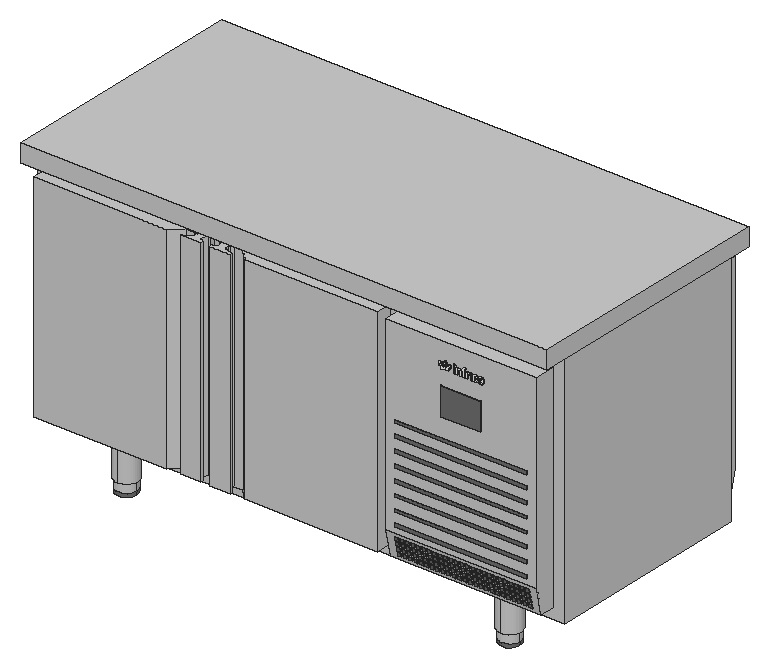
Revit family "QF_INFRICO_BMGN1470PDC_250808012806", category Specialty Equipment, Revit 2021
Family settings
  Round Connector Dimension = Use Diameter
  Part Type = Normal
  OmniClass Number = 23.40.40.14
  OmniClass Title = Food Service Equipment
  Work Plane-Based = No
  Always vertical = Yes
  Cut with Voids When Loaded = No
  Shared = No
  Room Calculation Point = No
Parameters (values of type "BMGN1470PDC-R290")
  Weight [instance] = 145.00 kg
  Waste Water Discharge Temperature [instance] = 0 °C
  Waste Remarks [instance] = ""
  Warranty Start Date [instance] = ""
  Warranty Duration [instance] = ""
  Volts [instance] = 230 V
  Volt Free Conn [instance] = no
  URL Recommended Spares List [instance] = ""
  URL Manufacturer [instance] = ""
  URL Cutsheet [instance] = ""
  URL Critical Spares List [instance] = ""
  URL = "www.infrico.com"
  Technical Documentation [instance] = ""
  Tag Number [instance] = ""
  Status [instance] = ""
  Start Up Current [instance] = 0 A
  Specification by User [instance] = ""
  Specification by Manufacturer [instance] = ""
  Sound Level [instance] = ""
  Show Logo [instance] = yes
  Show Clearances [instance] = yes
  Service Life Duration [instance] = ""
  Serial Number [instance] = ""
  Seismic Rating [instance] = ""
  SMACNA No [instance] = ""
  Revision Code [instance] = ""
  Revision [instance] = ""
  Production Year [instance] = ""
  Potential Equalisation [instance] = no
  Point Load [instance] = 0
  Plumbing Connection Type [instance] = ""
  Phase [instance] = 1
  Other Equipment Approvals [instance] = ""
  Operational Current [instance] = 0 A
  Number of Poles [instance] = 2
  No Load Power Draw [instance] = no
  NAFEM Spec ID Number [instance] = ""
  Model Warning [instance] = ""
  Model = "BMGN1470PDC"
  Min Ckt Ampacity [instance] = 0 A
  Max Overcurrent Protection [instance] = 0 A
  Masterspec [instance] = ""
  Manufacturer = "INFRICO"
  Main switch integrated [instance] = no
  Length Actual [instance] = 1468 mm
  Item Number [instance] = ""
  Installed By [instance] = ""
  Installation Date [instance] = ""
  Indirect Waste Size [instance] = 19.05 mm
  Indirect Waste Remarks [instance] = ""
  Indirect Waste Flow [instance] = 0.0 L/s
  Indirect Waste Connection Type [instance] = ""
  Indirect Waste Connection Height [instance] = 0 mm
  Identify Quantity as Lot [instance] = no
  ID [instance] = ""
  Hygiene Approval [instance] = ""
  Height Actual [instance] = 850 mm
  HP power [instance] = ""
  Furnished By [instance] = ""
  Foodservice Equipment Identifier [instance] = no
  FL Amps [instance] = 0 A
  Electrical Remarks [instance] = ""
  Electric power [instance] = 190 W
  Electric Connection Type [instance] = ""
  Elec Conn RI Height [instance] = 0 mm
  Elec Conn Connection Height [instance] = 0 mm
  ETL Approved [instance] = no
  Direct Waste Water Discharge Temperature [instance] = -273.15 °C
  Direct Waste Size [instance] = 19.05 mm
  Direct Waste RI Height [instance] = 0 mm
  Direct Waste Flow [instance] = 0.0 L/s
  Direct Waste Connection Height [instance] = 0 mm
  Description = "GN1/1 PASS THRU UNDERCOUNTER REFRIGERATOR 700 SERIES - R290 "
  Depth Actual [instance] = 700 mm
  Default Elevation = 0 mm
  Cycle [instance] = 50 Hz
  Cost = 0
  Connection to energy optimisation system [instance] = yes
  Conn Plug [instance] = ""
  Conn Conduit [instance] = no
  Centralized building control system with digital interface [instance] = ""
  CSI MasterFormat [instance] = ""
  CE Approved [instance] = no
  Barcode [instance] = 0
  Author [instance] = ""
  Asset Identifier [instance] = ""
  Apparent Power [instance] = 190 VA
  Accessory [instance] = no
Reference planes
  plane 1 "Center (Front/Back)": y = 0
  plane 2: z = 0
  plane 3 "Center (Left/Right)": x = 0
Forms (mm)
  Extrusion 1, solid, not visible
    sketch origin (602.029, -98.005, 142.007) x (1, 0, 0) y (0, 1, 0)
      loop
        line (-2, 2) -> (-2, -2) -> (2, -2) -> (2, 2) -> (-2, 2)
    from -2 to 2
  Extrusion 2, solid, not visible
    sketch origin (1393.568, -73.004, 142.007) x (1, 0, 0) y (0, 1, 0)
      loop
        line (-2, 2) -> (-2, -2) -> (2, -2) -> (2, 2) -> (-2, 2)
    from -2 to 2
Dimensions and locks
  locked: nested 2 to Extrusion 1 at 2  (x2)
  locked: nested 3 to Extrusion 2 at 2  (x2)
  aligned and locked: level to plane 2
Nested families
  nested 1: "QF_INFRICO_BMGN1470PDC_2920" at (0, 0, 140), type "BMGN1470PDC-R290"
    with Weight 145.00 kg, Warranty Start Date "", Warranty Duration "", URL Cutsheet "", Technical Documentation "", Tag Number "", Status "", Specification by User "", Specification by Manufacturer "", Sound Level "", Solid Fuel Type "", Show Logo yes, Show Clearances yes, Show Clearance yes, Service Life Duration "", Serial Number "", Seismic Rating "", SMACNA No "", Revision Code "", Revision "", Production Year "", Point Load 0, Other Equipment Approvals "", NAFEM Spec ID Number "", Model Warning "", Masterspec "", Length Actual 1468 mm, Item Number "", Installed By "", Installation Date "", Identify Quantity as Lot yes, ID "", Hygiene Approval "", Height Actual 850 mm, Furnished By "", Foodservice Equipment Identifier yes, ETL Approved yes, Depth Actual 700 mm, CSI MasterFormat "", CE Approved no, Barcode "", Author "", Asset Identifier "", Accessory no
  nested 2: "CONN_POINT_DRAIN_2D___Generic_Annotation" at (602.029, -98.005, 140.007), type "CONN_POINT_DRAIN_2D___Generic_Annotation"
    with Onboard connection annotation symbol visibility yes
  nested 3: "CONN_POINT_ELE_2D___Generic_Annotation" at (1393.568, -73.004, 140.007), type "CONN_POINT_ELE_2D___Generic_Annotation"
    with Onboard connection annotation symbol visibility yes
  nested 4: "QF_INFRICO_BMGN_DOOR_SX_4996" at (22, -638, 168), type "BMGN_DOOR_SX"
    with Weight 0.00 kg, Warranty Start Date "", Warranty Duration "", URL Cutsheet "", Technical Documentation "", Tag Number "", Status "", Specification by User "", Specification by Manufacturer "", Sound Level "", Solid Fuel Type "", Show Logo yes, Show Clearances yes, Show Clearance yes, Service Life Duration "", Serial Number "", Seismic Rating "", SMACNA No "", Revision Code "", Revision "", Production Year "", Point Load 0, Other Equipment Approvals "", NAFEM Spec ID Number "", Model Warning "", Masterspec "", Length Actual 467 mm, Item Number "", Installed By "", Installation Date "", Identify Quantity as Lot yes, ID "", Hygiene Approval "", Height Actual 597 mm, Furnished By "", Foodservice Equipment Identifier yes, ETL Approved yes, Depth Actual 54 mm, CSI MasterFormat "", CE Approved no, Barcode "", Author "", Asset Identifier "", Accessory yes
  nested 5: "QF_INFRICO_BMGN_DOOR_DX_5777" at (514, -638, 168), type "BMGN_DOOR_DX"
    with Weight 0.00 kg, Warranty Start Date "", Warranty Duration "", URL Cutsheet "", Technical Documentation "", Tag Number "", Status "", Specification by User "", Specification by Manufacturer "", Sound Level "", Solid Fuel Type "", Show Logo yes, Show Clearances yes, Show Clearance yes, Service Life Duration "", Serial Number "", Seismic Rating "", SMACNA No "", Revision Code "", Revision "", Production Year "", Point Load 0, Other Equipment Approvals "", NAFEM Spec ID Number "", Model Warning "", Masterspec "", Length Actual 467 mm, Item Number "", Installed By "", Installation Date "", Identify Quantity as Lot yes, ID "", Hygiene Approval "", Height Actual 597 mm, Furnished By "", Foodservice Equipment Identifier yes, ETL Approved yes, Depth Actual 54 mm, CSI MasterFormat "", CE Approved no, Barcode "", Author "", Asset Identifier "", Accessory yes
  nested 6: "QF_INFRICO_BMGNPDC_DOOR_SX_6554" at (22, -18, 168), type "BMGNPDC_DOOR_SX"
    with Weight 0.00 kg, Warranty Start Date "", Warranty Duration "", URL Cutsheet "", Technical Documentation "", Tag Number "", Status "", Specification by User "", Specification by Manufacturer "", Sound Level "", Solid Fuel Type "", Show Logo yes, Show Clearances yes, Show Clearance yes, Service Life Duration "", Serial Number "", Seismic Rating "", SMACNA No "", Revision Code "", Revision "", Production Year "", Point Load 0, Other Equipment Approvals "", NAFEM Spec ID Number "", Model Warning "", Masterspec "", Length Actual 467 mm, Item Number "", Installed By "", Installation Date "", Identify Quantity as Lot yes, ID "", Hygiene Approval "", Height Actual 597 mm, Furnished By "", Foodservice Equipment Identifier yes, ETL Approved yes, Depth Actual 54 mm, CSI MasterFormat "", CE Approved no, Barcode "", Author "", Asset Identifier "", Accessory yes
  nested 7: "QF_INFRICO_BMGNPDC_DOOR_DX_7331" at (514, -18, 168), type "BMGNPDC_DOOR_DX"
    with Weight 0.00 kg, Warranty Start Date "", Warranty Duration "", URL Cutsheet "", Technical Documentation "", Tag Number "", Status "", Specification by User "", Specification by Manufacturer "", Sound Level "", Solid Fuel Type "", Show Logo yes, Show Clearances yes, Show Clearance yes, Service Life Duration "", Serial Number "", Seismic Rating "", SMACNA No "", Revision Code "", Revision "", Production Year "", Point Load 0, Other Equipment Approvals "", NAFEM Spec ID Number "", Model Warning "", Masterspec "", Length Actual 467 mm, Item Number "", Installed By "", Installation Date "", Identify Quantity as Lot yes, ID "", Hygiene Approval "", Height Actual 597 mm, Furnished By "", Foodservice Equipment Identifier yes, ETL Approved yes, Depth Actual 54 mm, CSI MasterFormat "", CE Approved no, Barcode "", Author "", Asset Identifier "", Accessory yes
  nested 8: "QF_INFRICO_WORKTOP_8108" at (0, 0, 800), type "ENC12SPGN14"
    with Weight 0.00 kg, Warranty Start Date "", Warranty Duration "", URL Cutsheet "", Technical Documentation "", Tag Number "", Status "", Specification by User "", Specification by Manufacturer "", Sound Level "", Solid Fuel Type "", Show Logo yes, Show Clearances yes, Show Clearance yes, Service Life Duration "", Serial Number "", Seismic Rating "", SMACNA No "", Revision Code "", Revision "", Production Year "", Point Load 0, Other Equipment Approvals "", NAFEM Spec ID Number "", Model Warning "", Masterspec "", Length Actual 1468 mm, Item Number "", Installed By "", Installation Date "", Identify Quantity as Lot yes, ID "", Hygiene Approval "", Height Actual 50 mm, Furnished By "", Foodservice Equipment Identifier yes, ETL Approved yes, Depth Actual 700 mm, CSI MasterFormat "", CE Approved no, Barcode "", Author "", Asset Identifier "", Accessory yes
  nested 9: "QF_INFRICO_LEGS_8952" at (0, -62, 0), type "LEGS_1470_640"
    with Weight 0.00 kg, Warranty Start Date "", Warranty Duration "", URL Cutsheet "", Technical Documentation "", Tag Number "", Status "", Specification by User "", Specification by Manufacturer "", Sound Level "", Solid Fuel Type "", Show Logo yes, Show Clearances yes, Show Clearance yes, Service Life Duration "", Serial Number "", Seismic Rating "", SMACNA No "", Revision Code "", Revision "", Production Year "", Point Load 0, Other Equipment Approvals "", NAFEM Spec ID Number "", Model Warning "", Masterspec "", Length Actual 1468 mm, Item Number "", Installed By "", Installation Date "", Identify Quantity as Lot yes, ID "", Hygiene Approval "", Height Actual 140 mm, Furnished By "", Foodservice Equipment Identifier yes, ETL Approved yes, Depth Actual 638 mm, CSI MasterFormat "", CE Approved no, Barcode "", Author "", Asset Identifier "", Accessory yes
Connectors
  piping at (602.029, -98.005, 140.007), diameter 19.05, driven by "Indirect Waste Size", driven by "Direct Waste Flow"
    settings: on Extrusion 1, index 1, connector inside diameter 609.6 mm, connector length 0 mm, flow factor 0, pipe flow 0.0 L/s, pressure drop 0.0 Pa, fitting loss kfactor 0, connector angle 0.00°, fixture units 0, engagement length 0 mm, angle of deflection 0.00°, flow configuration 1, flow direction 2, fitting loss method 0, system type 16, joint type 0, gender type 0, connector reference index -1, connector utility 0, adjustable connector no, is connector primary yes, connector description "Waste connection for BMGN1470PDC"
  electrical at (1393.568, -73.004, 140.007), driven by "Apparent Power", driven by "Number of Poles", driven by "Volts"
    settings: on Extrusion 2, index 2, voltage 230 V, apparent load 0 VA, apparent load phase1 190 VA, apparent load phase2 0 VA, apparent load phase3 0 VA, power factor 1, load classification "Other", number of poles 2, system type 31, power factor state 1, is connector primary yes, connector utility no, sub classification motor no, connector description "Electrical connection for BMGN1470PDC"
Definition of nested family "QF_INFRICO_BMGN1470PDC_2920"
  Parameters (values of type "BMGN1470PDC")
    Weight [instance] = 0.00 kg
    Warranty Start Date [instance] = ""
    Warranty Duration [instance] = ""
    URL Cutsheet [instance] = ""
    URL = "www.infrico.com"
    Technical Documentation [instance] = ""
    Tag Number [instance] = ""
    Status [instance] = ""
    Specification by User [instance] = ""
    Specification by Manufacturer [instance] = ""
    Sound Level [instance] = ""
    Solid Fuel Type [instance] = ""
    Show Logo [instance] = yes
    Show Clearances [instance] = yes
    Show Clearance [instance] = yes
    Service Life Duration [instance] = ""
    Serial Number [instance] = ""
    Seismic Rating [instance] = ""
    SMACNA No [instance] = ""
    Revision Code [instance] = ""
    Revision [instance] = ""
    Production Year [instance] = ""
    Point Load [instance] = 0
    Other Equipment Approvals [instance] = ""
    NAFEM Spec ID Number [instance] = ""
    Model Warning [instance] = ""
    Model = "BMGN1470PDC"
    Masterspec [instance] = ""
    Manufacturer = "INFRICO"
    Length Actual [instance] = 0 mm
    Item Number [instance] = ""
    Installed By [instance] = ""
    Installation Date [instance] = ""
    Identify Quantity as Lot [instance] = yes
    ID [instance] = ""
    Hygiene Approval [instance] = ""
    Height Actual [instance] = 0 mm
    Furnished By [instance] = ""
    Foodservice Equipment Identifier [instance] = yes
    ETL Approved [instance] = yes
    Description = "GN1/1 PASS THRU UNDERCOUNTER REFRIGERATOR 700 SERIES - R134A"
    Depth Actual [instance] = 0 mm
    Default Elevation = 0 mm
    CSI MasterFormat [instance] = ""
    CE Approved [instance] = yes
    Barcode [instance] = ""
    Author [instance] = ""
    Asset Identifier [instance] = ""
    Assembly Code = "E1090320"
    Accessory [instance] = yes
  Types (2, lengths in mm): name | Description
    BMGN1470PDC | "GN1/1 PASS THRU UNDERCOUNTER REFRIGERATOR 700 SERIES - R134A"
    BMGN1470PDC-R290 | "GN1/1 PASS THRU UNDERCOUNTER REFRIGERATOR 700 SERIES - R290"
  Reference planes
    plane 1 "Back": y = 0
    plane 2: z = 0
    plane 3 "Left": x = 0
    plane 4 "Right": x = 1468
    plane 5 "Front": y = -700
    plane 6 "Top": z = 660
  Forms (mm)
    Extrusion 1, solid
      sketch origin (0, 0, -140) x (0, 1, 0) y (0, 0, 1)
        loop
          line (-638.02, 765.292) -> (-695.03, 765.292) -> (-695.03, 238.436) -> (-678.769, 168) -> (-638.02, 168) -> (-638.02, 765.292)
      from 1013.993 to 1433.993
    Extrusion 2, solid
      sketch origin (-2000, -693.13, -140) x (1, 0, 0) y (0, 0, 1)
        loop
          line (3408.016, 523.949) -> (3040.73, 523.949) -> (3040.73, 514.949) -> (3408.016, 514.949) -> (3408.016, 523.949)
        loop
          line (3408.016, 486.949) -> (3040.73, 486.949) -> (3040.73, 477.949) -> (3408.016, 477.949) -> (3408.016, 486.949)
        loop
          line (3408.016, 449.949) -> (3040.73, 449.949) -> (3040.73, 440.949) -> (3408.016, 440.949) -> (3408.016, 449.949)
        loop
          line (3408.016, 412.949) -> (3040.73, 412.949) -> (3040.73, 403.949) -> (3408.016, 403.949) -> (3408.016, 412.949)
        loop
          line (3408.016, 375.949) -> (3040.73, 375.949) -> (3040.73, 366.949) -> (3408.016, 366.949) -> (3408.016, 375.949)
        loop
          line (3408.016, 338.949) -> (3040.73, 338.949) -> (3040.73, 329.949) -> (3408.016, 329.949) -> (3408.016, 338.949)
        loop
          line (3408.016, 301.949) -> (3040.73, 301.949) -> (3040.73, 292.949) -> (3408.016, 292.949) -> (3408.016, 301.949)
        loop
          line (3408.016, 264.949) -> (3040.73, 264.949) -> (3040.73, 255.949) -> (3408.016, 255.949) -> (3408.016, 264.949)
      from 0 to 2
    Extrusion 3, solid
      sketch origin (-2000, -639.263, -134.673) x (1, 0, 0) y (0, -0.224951, 0.97437)
        loop
          line (3036.73, 215.974) -> (3036.73, 205.974) -> (3046.73, 205.974) -> (3046.73, 215.974) -> (3036.73, 215.974)
        loop
          line (3036.73, 230.769) -> (3036.73, 220.769) -> (3046.73, 220.769) -> (3046.73, 230.769) -> (3036.73, 230.769)
        loop
          line (3036.73, 186.385) -> (3036.73, 176.385) -> (3046.73, 176.385) -> (3046.73, 186.385) -> (3036.73, 186.385)
        loop
          line (3036.73, 201.179) -> (3036.73, 191.179) -> (3046.73, 191.179) -> (3046.73, 201.179) -> (3036.73, 201.179)
        loop
          line (3051.938, 215.974) -> (3051.938, 205.974) -> (3061.938, 205.974) -> (3061.938, 215.974) -> (3051.938, 215.974)
        loop
          line (3051.938, 230.769) -> (3051.938, 220.769) -> (3061.938, 220.769) -> (3061.938, 230.769) -> (3051.938, 230.769)
        loop
          line (3051.938, 186.385) -> (3051.938, 176.385) -> (3061.938, 176.385) -> (3061.938, 186.385) -> (3051.938, 186.385)
        loop
          line (3051.938, 201.179) -> (3051.938, 191.179) -> (3061.938, 191.179) -> (3061.938, 201.179) -> (3051.938, 201.179)
        loop
          line (3067.147, 215.974) -> (3067.147, 205.974) -> (3077.147, 205.974) -> (3077.147, 215.974) -> (3067.147, 215.974)
        loop
          line (3067.147, 230.769) -> (3067.147, 220.769) -> (3077.147, 220.769) -> (3077.147, 230.769) -> (3067.147, 230.769)
        loop
          line (3067.147, 186.385) -> (3067.147, 176.385) -> (3077.147, 176.385) -> (3077.147, 186.385) -> (3067.147, 186.385)
        loop
          line (3067.147, 201.179) -> (3067.147, 191.179) -> (3077.147, 191.179) -> (3077.147, 201.179) -> (3067.147, 201.179)
        loop
          line (3082.355, 215.974) -> (3082.355, 205.974) -> (3092.355, 205.974) -> (3092.355, 215.974) -> (3082.355, 215.974)
        loop
          line (3082.355, 230.769) -> (3082.355, 220.769) -> (3092.355, 220.769) -> (3092.355, 230.769) -> (3082.355, 230.769)
        loop
          line (3082.355, 186.385) -> (3082.355, 176.385) -> (3092.355, 176.385) -> (3092.355, 186.385) -> (3082.355, 186.385)
        loop
          line (3082.355, 201.179) -> (3082.355, 191.179) -> (3092.355, 191.179) -> (3092.355, 201.179) -> (3082.355, 201.179)
        loop
          line (3097.563, 215.974) -> (3097.563, 205.974) -> (3107.563, 205.974) -> (3107.563, 215.974) -> (3097.563, 215.974)
        loop
          line (3097.563, 230.769) -> (3097.563, 220.769) -> (3107.563, 220.769) -> (3107.563, 230.769) -> (3097.563, 230.769)
        loop
          line (3097.563, 186.385) -> (3097.563, 176.385) -> (3107.563, 176.385) -> (3107.563, 186.385) -> (3097.563, 186.385)
        loop
          line (3097.563, 201.179) -> (3097.563, 191.179) -> (3107.563, 191.179) -> (3107.563, 201.179) -> (3097.563, 201.179)
        loop
          line (3112.772, 215.974) -> (3112.772, 205.974) -> (3122.772, 205.974) -> (3122.772, 215.974) -> (3112.772, 215.974)
        loop
          line (3112.772, 230.769) -> (3112.772, 220.769) -> (3122.772, 220.769) -> (3122.772, 230.769) -> (3112.772, 230.769)
        loop
          line (3112.772, 186.385) -> (3112.772, 176.385) -> (3122.772, 176.385) -> (3122.772, 186.385) -> (3112.772, 186.385)
        loop
          line (3112.772, 201.179) -> (3112.772, 191.179) -> (3122.772, 191.179) -> (3122.772, 201.179) -> (3112.772, 201.179)
        loop
          line (3127.98, 215.974) -> (3127.98, 205.974) -> (3137.98, 205.974) -> (3137.98, 215.974) -> (3127.98, 215.974)
        loop
          line (3127.98, 230.769) -> (3127.98, 220.769) -> (3137.98, 220.769) -> (3137.98, 230.769) -> (3127.98, 230.769)
        loop
          line (3127.98, 186.385) -> (3127.98, 176.385) -> (3137.98, 176.385) -> (3137.98, 186.385) -> (3127.98, 186.385)
        loop
          line (3127.98, 201.179) -> (3127.98, 191.179) -> (3137.98, 191.179) -> (3137.98, 201.179) -> (3127.98, 201.179)
        loop
          line (3143.188, 215.974) -> (3143.188, 205.974) -> (3153.188, 205.974) -> (3153.188, 215.974) -> (3143.188, 215.974)
        loop
          line (3143.188, 230.769) -> (3143.188, 220.769) -> (3153.188, 220.769) -> (3153.188, 230.769) -> (3143.188, 230.769)
        loop
          line (3143.188, 186.385) -> (3143.188, 176.385) -> (3153.188, 176.385) -> (3153.188, 186.385) -> (3143.188, 186.385)
        loop
          line (3143.188, 201.179) -> (3143.188, 191.179) -> (3153.188, 191.179) -> (3153.188, 201.179) -> (3143.188, 201.179)
        loop
          line (3158.397, 215.974) -> (3158.397, 205.974) -> (3168.397, 205.974) -> (3168.397, 215.974) -> (3158.397, 215.974)
        loop
          line (3158.397, 230.769) -> (3158.397, 220.769) -> (3168.397, 220.769) -> (3168.397, 230.769) -> (3158.397, 230.769)
        loop
          line (3158.397, 186.385) -> (3158.397, 176.385) -> (3168.397, 176.385) -> (3168.397, 186.385) -> (3158.397, 186.385)
        loop
          line (3158.397, 201.179) -> (3158.397, 191.179) -> (3168.397, 191.179) -> (3168.397, 201.179) -> (3158.397, 201.179)
        loop
          line (3173.605, 215.974) -> (3173.605, 205.974) -> (3183.605, 205.974) -> (3183.605, 215.974) -> (3173.605, 215.974)
        loop
          line (3173.605, 230.769) -> (3173.605, 220.769) -> (3183.605, 220.769) -> (3183.605, 230.769) -> (3173.605, 230.769)
        loop
          line (3173.605, 186.385) -> (3173.605, 176.385) -> (3183.605, 176.385) -> (3183.605, 186.385) -> (3173.605, 186.385)
        loop
          line (3173.605, 201.179) -> (3173.605, 191.179) -> (3183.605, 191.179) -> (3183.605, 201.179) -> (3173.605, 201.179)
        loop
          line (3188.813, 215.974) -> (3188.813, 205.974) -> (3198.813, 205.974) -> (3198.813, 215.974) -> (3188.813, 215.974)
        loop
          line (3188.813, 230.769) -> (3188.813, 220.769) -> (3198.813, 220.769) -> (3198.813, 230.769) -> (3188.813, 230.769)
        loop
          line (3188.813, 186.385) -> (3188.813, 176.385) -> (3198.813, 176.385) -> (3198.813, 186.385) -> (3188.813, 186.385)
        loop
          line (3188.813, 201.179) -> (3188.813, 191.179) -> (3198.813, 191.179) -> (3198.813, 201.179) -> (3188.813, 201.179)
        loop
          line (3204.022, 215.974) -> (3204.022, 205.974) -> (3214.022, 205.974) -> (3214.022, 215.974) -> (3204.022, 215.974)
        loop
          line (3204.022, 230.769) -> (3204.022, 220.769) -> (3214.022, 220.769) -> (3214.022, 230.769) -> (3204.022, 230.769)
        loop
          line (3204.022, 186.385) -> (3204.022, 176.385) -> (3214.022, 176.385) -> (3214.022, 186.385) -> (3204.022, 186.385)
        loop
          line (3204.022, 201.179) -> (3204.022, 191.179) -> (3214.022, 191.179) -> (3214.022, 201.179) -> (3204.022, 201.179)
        loop
          line (3219.23, 215.974) -> (3219.23, 205.974) -> (3229.23, 205.974) -> (3229.23, 215.974) -> (3219.23, 215.974)
        loop
          line (3219.23, 230.769) -> (3219.23, 220.769) -> (3229.23, 220.769) -> (3229.23, 230.769) -> (3219.23, 230.769)
        loop
          line (3219.23, 186.385) -> (3219.23, 176.385) -> (3229.23, 176.385) -> (3229.23, 186.385) -> (3219.23, 186.385)
        loop
          line (3219.23, 201.179) -> (3219.23, 191.179) -> (3229.23, 191.179) -> (3229.23, 201.179) -> (3219.23, 201.179)
        loop
          line (3234.438, 215.974) -> (3234.438, 205.974) -> (3244.438, 205.974) -> (3244.438, 215.974) -> (3234.438, 215.974)
        loop
          line (3234.438, 230.769) -> (3234.438, 220.769) -> (3244.438, 220.769) -> (3244.438, 230.769) -> (3234.438, 230.769)
        loop
          line (3234.438, 186.385) -> (3234.438, 176.385) -> (3244.438, 176.385) -> (3244.438, 186.385) -> (3234.438, 186.385)
        loop
          line (3234.438, 201.179) -> (3234.438, 191.179) -> (3244.438, 191.179) -> (3244.438, 201.179) -> (3234.438, 201.179)
        loop
          line (3249.647, 215.974) -> (3249.647, 205.974) -> (3259.647, 205.974) -> (3259.647, 215.974) -> (3249.647, 215.974)
        loop
          line (3249.647, 230.769) -> (3249.647, 220.769) -> (3259.647, 220.769) -> (3259.647, 230.769) -> (3249.647, 230.769)
        loop
          line (3249.647, 186.385) -> (3249.647, 176.385) -> (3259.647, 176.385) -> (3259.647, 186.385) -> (3249.647, 186.385)
        loop
          line (3249.647, 201.179) -> (3249.647, 191.179) -> (3259.647, 191.179) -> (3259.647, 201.179) -> (3249.647, 201.179)
        loop
          line (3264.855, 215.974) -> (3264.855, 205.974) -> (3274.855, 205.974) -> (3274.855, 215.974) -> (3264.855, 215.974)
        loop
          line (3264.855, 230.769) -> (3264.855, 220.769) -> (3274.855, 220.769) -> (3274.855, 230.769) -> (3264.855, 230.769)
        loop
          line (3264.855, 186.385) -> (3264.855, 176.385) -> (3274.855, 176.385) -> (3274.855, 186.385) -> (3264.855, 186.385)
        loop
          line (3264.855, 201.179) -> (3264.855, 191.179) -> (3274.855, 191.179) -> (3274.855, 201.179) -> (3264.855, 201.179)
        loop
          line (3280.063, 215.974) -> (3280.063, 205.974) -> (3290.063, 205.974) -> (3290.063, 215.974) -> (3280.063, 215.974)
        loop
          line (3280.063, 230.769) -> (3280.063, 220.769) -> (3290.063, 220.769) -> (3290.063, 230.769) -> (3280.063, 230.769)
        loop
          line (3280.063, 186.385) -> (3280.063, 176.385) -> (3290.063, 176.385) -> (3290.063, 186.385) -> (3280.063, 186.385)
        loop
          line (3280.063, 201.179) -> (3280.063, 191.179) -> (3290.063, 191.179) -> (3290.063, 201.179) -> (3280.063, 201.179)
        loop
          line (3295.272, 215.974) -> (3295.272, 205.974) -> (3305.272, 205.974) -> (3305.272, 215.974) -> (3295.272, 215.974)
        loop
          line (3295.272, 230.769) -> (3295.272, 220.769) -> (3305.272, 220.769) -> (3305.272, 230.769) -> (3295.272, 230.769)
        loop
          line (3295.272, 186.385) -> (3295.272, 176.385) -> (3305.272, 176.385) -> (3305.272, 186.385) -> (3295.272, 186.385)
        loop
          line (3295.272, 201.179) -> (3295.272, 191.179) -> (3305.272, 191.179) -> (3305.272, 201.179) -> (3295.272, 201.179)
        loop
          line (3310.48, 215.974) -> (3310.48, 205.974) -> (3320.48, 205.974) -> (3320.48, 215.974) -> (3310.48, 215.974)
        loop
          line (3310.48, 230.769) -> (3310.48, 220.769) -> (3320.48, 220.769) -> (3320.48, 230.769) -> (3310.48, 230.769)
        loop
          line (3310.48, 186.385) -> (3310.48, 176.385) -> (3320.48, 176.385) -> (3320.48, 186.385) -> (3310.48, 186.385)
        loop
          line (3310.48, 201.179) -> (3310.48, 191.179) -> (3320.48, 191.179) -> (3320.48, 201.179) -> (3310.48, 201.179)
        loop
          line (3325.688, 215.974) -> (3325.688, 205.974) -> (3335.688, 205.974) -> (3335.688, 215.974) -> (3325.688, 215.974)
        loop
          line (3325.688, 230.769) -> (3325.688, 220.769) -> (3335.688, 220.769) -> (3335.688, 230.769) -> (3325.688, 230.769)
        loop
          line (3325.688, 186.385) -> (3325.688, 176.385) -> (3335.688, 176.385) -> (3335.688, 186.385) -> (3325.688, 186.385)
        loop
          line (3325.688, 201.179) -> (3325.688, 191.179) -> (3335.688, 191.179) -> (3335.688, 201.179) -> (3325.688, 201.179)
        loop
          line (3340.897, 215.974) -> (3340.897, 205.974) -> (3350.897, 205.974) -> (3350.897, 215.974) -> (3340.897, 215.974)
        loop
          line (3340.897, 230.769) -> (3340.897, 220.769) -> (3350.897, 220.769) -> (3350.897, 230.769) -> (3340.897, 230.769)
        loop
          line (3340.897, 186.385) -> (3340.897, 176.385) -> (3350.897, 176.385) -> (3350.897, 186.385) -> (3340.897, 186.385)
        loop
          line (3340.897, 201.179) -> (3340.897, 191.179) -> (3350.897, 191.179) -> (3350.897, 201.179) -> (3340.897, 201.179)
        loop
          line (3356.105, 215.974) -> (3356.105, 205.974) -> (3366.105, 205.974) -> (3366.105, 215.974) -> (3356.105, 215.974)
        loop
          line (3356.105, 230.769) -> (3356.105, 220.769) -> (3366.105, 220.769) -> (3366.105, 230.769) -> (3356.105, 230.769)
        loop
          line (3356.105, 186.385) -> (3356.105, 176.385) -> (3366.105, 176.385) -> (3366.105, 186.385) -> (3356.105, 186.385)
        loop
          line (3356.105, 201.179) -> (3356.105, 191.179) -> (3366.105, 191.179) -> (3366.105, 201.179) -> (3356.105, 201.179)
        loop
          line (3371.313, 215.974) -> (3371.313, 205.974) -> (3381.313, 205.974) -> (3381.313, 215.974) -> (3371.313, 215.974)
        loop
          line (3371.313, 230.769) -> (3371.313, 220.769) -> (3381.313, 220.769) -> (3381.313, 230.769) -> (3371.313, 230.769)
        loop
          line (3371.313, 186.385) -> (3371.313, 176.385) -> (3381.313, 176.385) -> (3381.313, 186.385) -> (3371.313, 186.385)
        loop
          line (3371.313, 201.179) -> (3371.313, 191.179) -> (3381.313, 191.179) -> (3381.313, 201.179) -> (3371.313, 201.179)
        loop
          line (3386.522, 215.974) -> (3386.522, 205.974) -> (3396.522, 205.974) -> (3396.522, 215.974) -> (3386.522, 215.974)
        loop
          line (3386.522, 230.769) -> (3386.522, 220.769) -> (3396.522, 220.769) -> (3396.522, 230.769) -> (3386.522, 230.769)
        loop
          line (3386.522, 186.385) -> (3386.522, 176.385) -> (3396.522, 176.385) -> (3396.522, 186.385) -> (3386.522, 186.385)
        loop
          line (3386.522, 201.179) -> (3386.522, 191.179) -> (3396.522, 191.179) -> (3396.522, 201.179) -> (3386.522, 201.179)
        loop
          line (3401.73, 215.974) -> (3401.73, 205.974) -> (3411.73, 205.974) -> (3411.73, 215.974) -> (3401.73, 215.974)
        loop
          line (3401.73, 230.769) -> (3401.73, 220.769) -> (3411.73, 220.769) -> (3411.73, 230.769) -> (3401.73, 230.769)
        loop
          line (3401.73, 186.385) -> (3401.73, 176.385) -> (3411.73, 176.385) -> (3411.73, 186.385) -> (3401.73, 186.385)
        loop
          line (3401.73, 201.179) -> (3401.73, 191.179) -> (3411.73, 191.179) -> (3411.73, 201.179) -> (3401.73, 201.179)
      from 0 to 2
    Extrusion 4, solid, visible <- "Show Logo"
      sketch origin (-0.986, -693.13, -140) x (1, 0, 0) y (0, 0, 1)
        loop
          line (1208.799, 696.53) -> (1208.799, 719.204) -> (1204.173, 719.204) -> (1204.173, 696.53) -> (1208.799, 696.53)
        loop
          line (1214.779, 713.006) -> (1211.283, 713.006) -> (1211.283, 696.53) -> (1215.772, 696.53) -> (1215.772, 707.832)
          arc (1215.772, 707.832) -> (1217.528, 708.741) -> (1219.417, 709.324) r 11.052
          arc (1219.417, 709.324) -> (1220.929, 708.961) -> (1221.598, 707.557) r 1.806
          line (1221.598, 707.557) -> (1221.598, 696.53) -> (1226.121, 696.53) -> (1226.121, 708.689)
          arc (1226.121, 708.689) -> (1224.637, 712.075) -> (1221.141, 713.281) r 4.607
          arc (1221.141, 713.281) -> (1218.282, 712.674) -> (1215.669, 711.361) r 11.435
          line (1215.669, 711.361) -> (1215.601, 712.184)
          arc (1215.601, 712.184) -> (1215.36, 712.765) -> (1214.779, 713.006) r 0.822
        loop
          line (1238.557, 720.102) -> (1237.306, 720.102)
          arc (1237.306, 720.102) -> (1235.052, 719.926) -> (1232.881, 719.297) r 11.103
          arc (1232.881, 719.297) -> (1230.805, 717.616) -> (1230.024, 715.062) r 4.567
          line (1230.024, 715.062) -> (1230.024, 712.909) -> (1227.351, 712.703) -> (1227.351, 709.374) -> (1230.024, 709.374) -> (1230.024, 696.53) -> (1234.547, 696.53) -> (1234.547, 709.374) -> (1238.249, 709.374) -> (1238.249, 712.938) -> (1234.547, 712.938) -> (1234.547, 714.548)
          arc (1234.547, 714.548) -> (1234.956, 715.705) -> (1236.045, 716.271) r 1.67
          line (1236.045, 716.271) -> (1237.7, 716.399)
          arc (1237.7, 716.399) -> (1238.306, 716.65) -> (1238.557, 717.255) r 0.857
          line (1238.557, 717.255) -> (1238.557, 720.102)
        loop
          line (1239.479, 713.006) -> (1239.479, 696.53) -> (1243.968, 696.53) -> (1243.968, 707.352)
          arc (1243.968, 707.352) -> (1245.873, 708.631) -> (1248.077, 709.268) r 7.435
          line (1248.077, 709.268) -> (1249.241, 709.416)
          arc (1249.241, 709.416) -> (1249.643, 709.758) -> (1249.793, 710.265) r 0.928
          line (1249.793, 710.265) -> (1249.793, 712.458)
          arc (1249.793, 712.458) -> (1249.531, 713.061) -> (1248.912, 713.28) r 0.824
          arc (1248.912, 713.28) -> (1246.197, 712.588) -> (1243.899, 710.984) r 7.833
          line (1243.899, 710.984) -> (1243.726, 713.006) -> (1239.479, 713.006)
        loop
          line (1255.495, 696.53) -> (1255.495, 713.006) -> (1251.006, 713.006) -> (1251.006, 696.53) -> (1255.495, 696.53)
        loop
          arc (1257.421, 701.327) -> (1258.567, 698.188) -> (1261.466, 696.525) r 4.873
          arc (1261.466, 696.525) -> (1264.493, 696.266) -> (1267.521, 696.525) r 17.816
          arc (1267.521, 696.525) -> (1270.575, 699.134) -> (1271.505, 703.041) r 6.481
          line (1271.505, 703.041) -> (1267.187, 703.041) -> (1267.187, 701.67)
          arc (1267.187, 701.67) -> (1266.64, 700.452) -> (1265.442, 699.865) r 1.965
          arc (1265.442, 699.865) -> (1264.547, 699.816) -> (1263.653, 699.865) r 8.196
          arc (1263.653, 699.865) -> (1262.417, 700.415) -> (1261.91, 701.67) r 1.806
          line (1261.91, 701.67) -> (1261.91, 707.9)
          arc (1261.91, 707.9) -> (1262.417, 709.155) -> (1263.653, 709.705) r 1.806
          arc (1263.653, 709.705) -> (1264.547, 709.754) -> (1265.442, 709.705) r 8.196
          arc (1265.442, 709.705) -> (1266.64, 709.118) -> (1267.187, 707.9) r 1.965
          line (1267.187, 707.9) -> (1267.187, 706.838) -> (1271.505, 706.838)
          arc (1271.505, 706.838) -> (1270.524, 710.556) -> (1267.521, 712.959) r 6.132
          arc (1267.521, 712.959) -> (1264.493, 713.294) -> (1261.466, 712.959) r 13.851
          arc (1261.466, 712.959) -> (1258.571, 711.349) -> (1257.421, 708.243) r 4.772
          line (1257.421, 708.243) -> (1257.421, 701.327)
        loop
          arc (1272.916, 701.329) -> (1273.993, 698.345) -> (1276.726, 696.734) r 4.676
          arc (1276.726, 696.734) -> (1278.515, 696.455) -> (1280.318, 696.291) r 28.371
          arc (1280.318, 696.291) -> (1282.122, 696.455) -> (1283.911, 696.734) r 28.371
          arc (1283.911, 696.734) -> (1286.644, 698.345) -> (1287.72, 701.329) r 4.676
          line (1287.72, 701.329) -> (1287.72, 708.242)
          arc (1287.72, 708.242) -> (1286.644, 711.226) -> (1283.911, 712.837) r 4.676
          arc (1283.911, 712.837) -> (1282.122, 713.116) -> (1280.318, 713.28) r 28.371
          arc (1280.318, 713.28) -> (1278.515, 713.116) -> (1276.726, 712.837) r 28.371
          arc (1276.726, 712.837) -> (1273.993, 711.226) -> (1272.916, 708.242) r 4.676
          line (1272.916, 708.242) -> (1272.916, 701.329)
        loop
          line (1277.405, 707.866) -> (1277.405, 701.705)
          arc (1277.405, 701.705) -> (1277.844, 700.556) -> (1278.936, 699.991) r 1.725
          arc (1278.936, 699.991) -> (1279.627, 699.918) -> (1280.318, 699.856) r 46.133
          arc (1280.318, 699.856) -> (1281.01, 699.918) -> (1281.701, 699.991) r 46.133
          arc (1281.701, 699.991) -> (1282.793, 700.556) -> (1283.231, 701.705) r 1.725
          line (1283.231, 701.705) -> (1283.231, 707.866)
          arc (1283.231, 707.866) -> (1282.793, 709.015) -> (1281.701, 709.58) r 1.725
          arc (1281.701, 709.58) -> (1281.01, 709.653) -> (1280.318, 709.716) r 46.133
          arc (1280.318, 709.716) -> (1279.627, 709.653) -> (1278.936, 709.58) r 46.133
          arc (1278.936, 709.58) -> (1277.844, 709.015) -> (1277.405, 707.866) r 1.725
        loop
          arc (1190.339, 696.543) -> (1191.411, 696.987) -> (1191.856, 698.059) r 1.516
          line (1191.856, 698.059) -> (1191.856, 703.891) -> (1196.035, 703.891)
          arc (1196.035, 703.891) -> (1196.79, 704.121) -> (1197.218, 704.782) r 1.147
          line (1197.218, 704.782) -> (1197.218, 706.211)
          arc (1197.218, 706.211) -> (1196.787, 707.258) -> (1195.719, 707.634) r 1.385
          line (1195.719, 707.634) -> (1194.52, 707.634) -> (1197.218, 710.332)
          arc (1197.218, 710.332) -> (1197.605, 711.266) -> (1197.218, 712.2) r 1.321
          line (1197.218, 712.2) -> (1196.495, 712.923)
          arc (1196.495, 712.923) -> (1195.54, 713.338) -> (1194.558, 712.991) r 1.422
          line (1194.558, 712.991) -> (1191.853, 710.286) -> (1191.853, 711.479)
          arc (1191.853, 711.479) -> (1191.443, 712.516) -> (1190.435, 712.992) r 1.516
          line (1190.435, 712.992) -> (1189.514, 712.992)
          arc (1189.514, 712.992) -> (1188.511, 712.514) -> (1188.103, 711.479) r 1.516
          line (1188.103, 711.479) -> (1188.103, 706.83) -> (1182.073, 701.336) -> (1182.073, 707.509) -> (1185.639, 711.075)
          arc (1185.639, 711.075) -> (1186.053, 712.073) -> (1185.639, 713.071) r 1.412
          line (1185.639, 713.071) -> (1184.987, 713.723)
          arc (1184.987, 713.723) -> (1183.939, 714.141) -> (1182.915, 713.667) r 1.428
          line (1182.915, 713.667) -> (1182.073, 712.825) -> (1182.073, 717.784)
          arc (1182.073, 717.784) -> (1181.658, 718.787) -> (1180.655, 719.203) r 1.418
          line (1180.655, 719.203) -> (1179.726, 719.203)
          arc (1179.726, 719.203) -> (1178.723, 718.787) -> (1178.308, 717.784) r 1.418
          line (1178.308, 717.784) -> (1178.308, 712.825) -> (1177.466, 713.667)
          arc (1177.466, 713.667) -> (1176.442, 714.141) -> (1175.394, 713.723) r 1.428
          line (1175.394, 713.723) -> (1174.742, 713.071)
          arc (1174.742, 713.071) -> (1174.328, 712.073) -> (1174.742, 711.075) r 1.412
          line (1174.742, 711.075) -> (1178.308, 707.509) -> (1178.308, 701.336) -> (1172.278, 706.83) -> (1172.278, 711.479)
          arc (1172.278, 711.479) -> (1171.87, 712.514) -> (1170.867, 712.992) r 1.516
          line (1170.867, 712.992) -> (1169.946, 712.992)
          arc (1169.946, 712.992) -> (1168.938, 712.516) -> (1168.528, 711.479) r 1.516
          line (1168.528, 711.479) -> (1168.528, 710.286) -> (1165.823, 712.991)
          arc (1165.823, 712.991) -> (1164.841, 713.338) -> (1163.886, 712.923) r 1.422
          line (1163.886, 712.923) -> (1163.163, 712.2)
          arc (1163.163, 712.2) -> (1162.776, 711.266) -> (1163.163, 710.332) r 1.321
          line (1163.163, 710.332) -> (1165.861, 707.634) -> (1164.662, 707.634)
          arc (1164.662, 707.634) -> (1163.594, 707.258) -> (1163.163, 706.211) r 1.385
          line (1163.163, 706.211) -> (1163.163, 704.782)
          arc (1163.163, 704.782) -> (1163.591, 704.121) -> (1164.346, 703.891) r 1.147
          line (1164.346, 703.891) -> (1168.525, 703.891) -> (1168.525, 698.059)
          arc (1168.525, 698.059) -> (1168.969, 696.987) -> (1170.042, 696.543) r 1.516
          line (1170.042, 696.543) -> (1190.339, 696.543)
      from 0 to 2
    Extrusion 5, solid
      sketch origin (-0.986, 0, -140) x (1, 0, 0) y (0, 0, 1)
        loop
          line (1169.616, 654.3) -> (1169.616, 577.9) -> (1281.216, 577.9) -> (1281.216, 654.3) -> (1169.616, 654.3)
      from 695.03 to 698.23
    Extrusion 6, solid
      sketch origin (901.5, -3.5, 0) x (1, 0, 0) y (0, 1, 0)
        loop
          circle (493.5, -133) r 12.7
      from -5 to 0
    Extrusion 7, solid
      sketch origin (0, -62, 0) x (1, 0, 0) y (0, 1, 0)
        loop
          circle (540, -112) r 9.525
      from -5 to 0
    Extrusion 8, solid
      sketch origin (0, 0, 0) x (1, 0, 0) y (0, 1, 0)
        loop
          line (0, -638.02) -> (1468, -638.02) -> (1468, -62) -> (0, -62) -> (0, -638.02)
        loop
          line (60, -122) -> (60, -578.02) -> (1408, -578.02) -> (1408, -122) -> (60, -122)
      from 0 to 660
    Extrusion 9, solid
      sketch origin (0, 0, 0) x (1, 0, 0) y (0, 0, 1)
        loop
          line (60, 0) -> (1408, 0) -> (1408, 60) -> (60, 60) -> (60, 0)
      from 62 to 578.02
    Extrusion 10, void
      sketch origin (0, 0, 0) x (1, 0, 0) y (0, 0, 1)
        loop
          line (60, 600) -> (60, 60) -> (920, 60) -> (920, 600) -> (60, 600)
      from 0 to 638.02
    Extrusion 11, solid
      sketch origin (0, 0, 0) x (1, 0, 0) y (0, 1, 0)
        loop
          line (454, -638.02) -> (549, -638.02) -> (549, -628.02) -> (454, -628.02) -> (454, -638.02)
      from 60 to 600
    Extrusion 12, solid
      sketch origin (0, -700.02, 0) x (1, 0, 0) y (0, 1, 0)
        loop
          line (454, 638.02) -> (454, 628.02) -> (549, 628.02) -> (549, 638.02) -> (454, 638.02)
      from 60 to 600
    Extrusion 13, solid
      sketch origin (0, -700.02, -140) x (0, -1, 0) y (0, 0, -1)
        loop
          line (-638.02, -765.292) -> (-638.02, -168) -> (-678.769, -168) -> (-695.03, -238.436) -> (-695.03, -765.292) -> (-638.02, -765.292)
      from 1013.993 to 1433.993
    Extrusion 14, solid, visible <- "Show Logo"
      sketch origin (-0.986, -6.89, -140) x (1, 0, 0) y (0, 0, -1)
        loop
          line (1242.084, -696.53) -> (1242.084, -719.204) -> (1246.71, -719.204) -> (1246.71, -696.53) -> (1242.084, -696.53)
        loop
          line (1236.105, -713.006) -> (1239.6, -713.006) -> (1239.6, -696.53) -> (1235.111, -696.53) -> (1235.111, -707.832)
          arc (1235.111, -707.832) -> (1233.356, -708.741) -> (1231.466, -709.324) r 11.052
          arc (1231.466, -709.324) -> (1229.955, -708.961) -> (1229.285, -707.557) r 1.806
          line (1229.285, -707.557) -> (1229.285, -696.53) -> (1224.762, -696.53) -> (1224.762, -708.689)
          arc (1224.762, -708.689) -> (1226.246, -712.075) -> (1229.742, -713.281) r 4.607
          arc (1229.742, -713.281) -> (1232.602, -712.674) -> (1235.214, -711.361) r 11.435
          line (1235.214, -711.361) -> (1235.282, -712.184)
          arc (1235.282, -712.184) -> (1235.523, -712.765) -> (1236.105, -713.006) r 0.822
        loop
          line (1212.326, -720.102) -> (1213.578, -720.102)
          arc (1213.578, -720.102) -> (1215.831, -719.926) -> (1218.003, -719.297) r 11.103
          arc (1218.003, -719.297) -> (1220.078, -717.616) -> (1220.859, -715.062) r 4.567
          line (1220.859, -715.062) -> (1220.859, -712.909) -> (1223.532, -712.703) -> (1223.532, -709.374) -> (1220.859, -709.374) -> (1220.859, -696.53) -> (1216.336, -696.53) -> (1216.336, -709.374) -> (1212.635, -709.374) -> (1212.635, -712.938) -> (1216.336, -712.938) -> (1216.336, -714.548)
          arc (1216.336, -714.548) -> (1215.927, -715.705) -> (1214.838, -716.271) r 1.67
          line (1214.838, -716.271) -> (1213.183, -716.399)
          arc (1213.183, -716.399) -> (1212.577, -716.65) -> (1212.326, -717.255) r 0.857
          line (1212.326, -717.255) -> (1212.326, -720.102)
        loop
          line (1211.405, -713.006) -> (1211.405, -696.53) -> (1206.915, -696.53) -> (1206.915, -707.352)
          arc (1206.915, -707.352) -> (1205.01, -708.631) -> (1202.806, -709.268) r 7.435
          line (1202.806, -709.268) -> (1201.642, -709.416)
          arc (1201.642, -709.416) -> (1201.24, -709.758) -> (1201.09, -710.265) r 0.928
          line (1201.09, -710.265) -> (1201.09, -712.458)
          arc (1201.09, -712.458) -> (1201.352, -713.061) -> (1201.971, -713.28) r 0.824
          arc (1201.971, -713.28) -> (1204.686, -712.588) -> (1206.984, -710.984) r 7.833
          line (1206.984, -710.984) -> (1207.157, -713.006) -> (1211.405, -713.006)
        loop
          line (1195.388, -696.53) -> (1195.388, -713.006) -> (1199.877, -713.006) -> (1199.877, -696.53) -> (1195.388, -696.53)
        loop
          arc (1193.462, -701.327) -> (1192.316, -698.188) -> (1189.418, -696.525) r 4.873
          arc (1189.418, -696.525) -> (1186.39, -696.266) -> (1183.362, -696.525) r 17.816
          arc (1183.362, -696.525) -> (1180.309, -699.134) -> (1179.378, -703.041) r 6.481
          line (1179.378, -703.041) -> (1183.696, -703.041) -> (1183.696, -701.67)
          arc (1183.696, -701.67) -> (1184.243, -700.452) -> (1185.441, -699.865) r 1.965
          arc (1185.441, -699.865) -> (1186.336, -699.816) -> (1187.23, -699.865) r 8.196
          arc (1187.23, -699.865) -> (1188.467, -700.415) -> (1188.973, -701.67) r 1.806
          line (1188.973, -701.67) -> (1188.973, -707.9)
          arc (1188.973, -707.9) -> (1188.467, -709.155) -> (1187.23, -709.705) r 1.806
          arc (1187.23, -709.705) -> (1186.336, -709.754) -> (1185.441, -709.705) r 8.196
          arc (1185.441, -709.705) -> (1184.243, -709.118) -> (1183.696, -707.9) r 1.965
          line (1183.696, -707.9) -> (1183.696, -706.838) -> (1179.378, -706.838)
          arc (1179.378, -706.838) -> (1180.36, -710.556) -> (1183.362, -712.959) r 6.132
          arc (1183.362, -712.959) -> (1186.39, -713.294) -> (1189.418, -712.959) r 13.851
          arc (1189.418, -712.959) -> (1192.313, -711.349) -> (1193.462, -708.243) r 4.772
          line (1193.462, -708.243) -> (1193.462, -701.327)
        loop
          arc (1177.967, -701.329) -> (1176.891, -698.345) -> (1174.158, -696.734) r 4.676
          arc (1174.158, -696.734) -> (1172.368, -696.455) -> (1170.565, -696.291) r 28.371
          arc (1170.565, -696.291) -> (1168.762, -696.455) -> (1166.972, -696.734) r 28.371
          arc (1166.972, -696.734) -> (1164.239, -698.345) -> (1163.163, -701.329) r 4.676
          line (1163.163, -701.329) -> (1163.163, -708.242)
          arc (1163.163, -708.242) -> (1164.239, -711.226) -> (1166.972, -712.837) r 4.676
          arc (1166.972, -712.837) -> (1168.762, -713.116) -> (1170.565, -713.28) r 28.371
          arc (1170.565, -713.28) -> (1172.368, -713.116) -> (1174.158, -712.837) r 28.371
          arc (1174.158, -712.837) -> (1176.891, -711.226) -> (1177.967, -708.242) r 4.676
          line (1177.967, -708.242) -> (1177.967, -701.329)
        loop
          line (1173.478, -707.866) -> (1173.478, -701.705)
          arc (1173.478, -701.705) -> (1173.039, -700.556) -> (1171.947, -699.991) r 1.725
          arc (1171.947, -699.991) -> (1171.257, -699.918) -> (1170.565, -699.856) r 46.133
          arc (1170.565, -699.856) -> (1169.873, -699.918) -> (1169.182, -699.991) r 46.133
          arc (1169.182, -699.991) -> (1168.09, -700.556) -> (1167.652, -701.705) r 1.725
          line (1167.652, -701.705) -> (1167.652, -707.866)
          arc (1167.652, -707.866) -> (1168.09, -709.015) -> (1169.182, -709.58) r 1.725
          arc (1169.182, -709.58) -> (1169.873, -709.653) -> (1170.565, -709.716) r 46.133
          arc (1170.565, -709.716) -> (1171.257, -709.653) -> (1171.947, -709.58) r 46.133
          arc (1171.947, -709.58) -> (1173.039, -709.015) -> (1173.478, -707.866) r 1.725
        loop
          arc (1260.544, -696.543) -> (1259.472, -696.987) -> (1259.028, -698.059) r 1.516
          line (1259.028, -698.059) -> (1259.028, -703.891) -> (1254.848, -703.891)
          arc (1254.848, -703.891) -> (1254.094, -704.121) -> (1253.665, -704.782) r 1.147
          line (1253.665, -704.782) -> (1253.665, -706.211)
          arc (1253.665, -706.211) -> (1254.096, -707.258) -> (1255.165, -707.634) r 1.385
          line (1255.165, -707.634) -> (1256.363, -707.634) -> (1253.665, -710.332)
          arc (1253.665, -710.332) -> (1253.279, -711.266) -> (1253.665, -712.2) r 1.321
          line (1253.665, -712.2) -> (1254.388, -712.923)
          arc (1254.388, -712.923) -> (1255.343, -713.338) -> (1256.325, -712.991) r 1.422
          line (1256.325, -712.991) -> (1259.03, -710.286) -> (1259.03, -711.479)
          arc (1259.03, -711.479) -> (1259.44, -712.516) -> (1260.448, -712.992) r 1.516
          line (1260.448, -712.992) -> (1261.369, -712.992)
          arc (1261.369, -712.992) -> (1262.373, -712.514) -> (1262.78, -711.479) r 1.516
          line (1262.78, -711.479) -> (1262.78, -706.83) -> (1268.81, -701.336) -> (1268.81, -707.509) -> (1265.244, -711.075)
          arc (1265.244, -711.075) -> (1264.831, -712.073) -> (1265.244, -713.071) r 1.412
          line (1265.244, -713.071) -> (1265.896, -713.723)
          arc (1265.896, -713.723) -> (1266.944, -714.141) -> (1267.968, -713.667) r 1.428
          line (1267.968, -713.667) -> (1268.81, -712.825) -> (1268.81, -717.784)
          arc (1268.81, -717.784) -> (1269.225, -718.787) -> (1270.228, -719.203) r 1.418
          line (1270.228, -719.203) -> (1271.157, -719.203)
          arc (1271.157, -719.203) -> (1272.16, -718.787) -> (1272.576, -717.784) r 1.418
          line (1272.576, -717.784) -> (1272.576, -712.825) -> (1273.417, -713.667)
          arc (1273.417, -713.667) -> (1274.441, -714.141) -> (1275.49, -713.723) r 1.428
          line (1275.49, -713.723) -> (1276.142, -713.071)
          arc (1276.142, -713.071) -> (1276.555, -712.073) -> (1276.142, -711.075) r 1.412
          line (1276.142, -711.075) -> (1272.576, -707.509) -> (1272.576, -701.336) -> (1278.605, -706.83) -> (1278.605, -711.479)
          arc (1278.605, -711.479) -> (1279.013, -712.514) -> (1280.016, -712.992) r 1.516
          line (1280.016, -712.992) -> (1280.938, -712.992)
          arc (1280.938, -712.992) -> (1281.946, -712.516) -> (1282.355, -711.479) r 1.516
          line (1282.355, -711.479) -> (1282.355, -710.286) -> (1285.061, -712.991)
          arc (1285.061, -712.991) -> (1286.043, -713.338) -> (1286.997, -712.923) r 1.422
          line (1286.997, -712.923) -> (1287.72, -712.2)
          arc (1287.72, -712.2) -> (1288.107, -711.266) -> (1287.72, -710.332) r 1.321
          line (1287.72, -710.332) -> (1285.022, -707.634) -> (1286.221, -707.634)
          arc (1286.221, -707.634) -> (1287.289, -707.258) -> (1287.72, -706.211) r 1.385
          line (1287.72, -706.211) -> (1287.72, -704.782)
          arc (1287.72, -704.782) -> (1287.292, -704.121) -> (1286.538, -703.891) r 1.147
          line (1286.538, -703.891) -> (1282.358, -703.891) -> (1282.358, -698.059)
          arc (1282.358, -698.059) -> (1281.914, -696.987) -> (1280.841, -696.543) r 1.516
          line (1280.841, -696.543) -> (1260.544, -696.543)
      from 0 to 2
  Cuts and joins
    Extrusion 10 cuts Extrusion 8
    Extrusion 10 cuts Extrusion 9
    joined: Extrusion 8, Extrusion 9
  Lines and regions (mm)
    symbolic lines, visible <- "Show Clearance"
      curve 1: line (1468, 0, 0) -> (0, 0, 0)
      curve 2: line (0, 0, 0) -> (0, -700, 0)
      curve 3: line (0, -700, 0) -> (1468, -700, 0)
      curve 4: line (1468, -700, 0) -> (1468, 0, 0)
  Dimensions and locks
    plane 4 "Right" to plane 3 "Left" = 1468 mm
    plane 6 "Top" to level = 660 mm
    plane 1 "Back" to plane 5 "Front" = 700 mm  (x2)
    plane 3 "Left" to plane 4 "Right" = 1468 mm
    aligned and locked: level to plane 2
  Connectors
    electrical at (1395, -136.5, -5)
      settings: on Extrusion 6, index 1, voltage 0 V, apparent load 0 VA, apparent load phase1 0 VA, apparent load phase2 0 VA, apparent load phase3 0 VA, power factor 1, load classification none, number of poles 1, system type 31, power factor state 1, is connector primary yes, connector utility no, sub classification motor no, connector description "Electrical collection"
    piping at (540, -174, -5), diameter 19.1
      settings: on Extrusion 7, index 2, connector inside diameter 609.6 mm, connector length 0 mm, flow factor 0, pipe flow 0.0 L/s, pressure drop 0.0 Pa, fitting loss kfactor 0, connector angle 0.00°, fixture units 0, engagement length 0 mm, angle of deflection 0.00°, flow configuration 1, flow direction 2, fitting loss method 0, system type 16, joint type 0, gender type 0, connector reference index -1, connector utility 0, adjustable connector no, is connector primary yes, connector description "Drain connection"
Definition of nested family "QF_INFRICO_BMGN_DOOR_SX_4996"
  Parameters (values of type "BMGN_DOOR_SX")
    Weight [instance] = 0.00 kg
    Warranty Start Date [instance] = ""
    Warranty Duration [instance] = ""
    URL Cutsheet [instance] = ""
    URL = "www.infrico.com"
    Technical Documentation [instance] = ""
    Tag Number [instance] = ""
    Status [instance] = ""
    Specification by User [instance] = ""
    Specification by Manufacturer [instance] = ""
    Sound Level [instance] = ""
    Solid Fuel Type [instance] = ""
    Show Logo [instance] = yes
    Show Clearances [instance] = yes
    Show Clearance [instance] = yes
    Service Life Duration [instance] = ""
    Serial Number [instance] = ""
    Seismic Rating [instance] = ""
    SMACNA No [instance] = ""
    Revision Code [instance] = ""
    Revision [instance] = ""
    Production Year [instance] = ""
    Point Load [instance] = 0
    Other Equipment Approvals [instance] = ""
    NAFEM Spec ID Number [instance] = ""
    Model Warning [instance] = ""
    Model = "BMGN_DOOR_SX"
    Masterspec [instance] = ""
    Manufacturer = "INFRICO"
    Length Actual [instance] = 0 mm
    Item Number [instance] = ""
    Installed By [instance] = ""
    Installation Date [instance] = ""
    Identify Quantity as Lot [instance] = yes
    ID [instance] = ""
    Hygiene Approval [instance] = ""
    Height Actual [instance] = 0 mm
    Furnished By [instance] = ""
    Foodservice Equipment Identifier [instance] = yes
    ETL Approved [instance] = yes
    Description = "LEFT DOOR"
    Depth Actual [instance] = 0 mm
    Default Elevation = 0 mm
    CSI MasterFormat [instance] = ""
    CE Approved [instance] = yes
    Barcode [instance] = ""
    Author [instance] = ""
    Asset Identifier [instance] = ""
    Assembly Code = "E1090320"
    Accessory [instance] = yes
  Reference planes
    plane 1 "Back": y = 0
    plane 2: z = 0
    plane 3 "Left": x = 0
    plane 4 "Right": x = 467
    plane 5 "Front": y = -44
    plane 6 "Top": z = 597
  Forms (mm)
    Extrusion 1, solid
      sketch origin (2981.326, 654.02, -168.61) x (-1, 0, 0) y (0, -1, 0)
        loop
          line (2610.426, 698.02) -> (2580.356, 667.95) -> (2557.604, 667.95) -> (2546.663, 670.881)
          arc (2546.663, 670.881) -> (2545.582, 671.631) -> (2545.222, 672.896) r 1.95
          line (2545.222, 672.896) -> (2545.566, 682.741)
          arc (2545.566, 682.741) -> (2545.774, 683.563) -> (2546.304, 684.224) r 2.001
          line (2546.304, 684.224) -> (2571.566, 694.947) -> (2571.566, 698.02) -> (2514.326, 698.02) -> (2514.326, 690.261) -> (2526.525, 683.218) -> (2521.592, 664.81) -> (2514.326, 664.81) -> (2514.326, 654.02) -> (2981.326, 654.02) -> (2981.326, 698.02) -> (2610.426, 698.02)
      from 168.61 to 765.61
    Extrusion 2, solid, visible <- "Show Clearance", detail levels coarse
      sketch origin (0, 0, 0) x (1, 0, 0) y (0, 1, 0)
        loop
          line (0, -44) -> (0, -467) -> (44, -467)
          arc (44, -467) -> (343.106, -343.106) -> (467, -44) r 423
          line (467, -44) -> (0, -44)
      from 0 to 597
  Lines and regions (mm)
    symbolic lines
      curve 1: arc (466.617, -62, 0) -> (336.673, -349.404, 0) -> (44, -467, 0) r 423
      curve 2: line (0, -467, 0) -> (0, -62, 0)
      curve 3: line (44, -467, 0) -> (0, -467, 0)
  Dimensions and locks
    plane 4 "Right" to plane 3 "Left" = 467 mm
    plane 6 "Top" to level = 597 mm  (x2)
    plane 1 "Back" to plane 5 "Front" = 44 mm  (x2)
    plane 3 "Left" to plane 4 "Right" = 467 mm
    aligned and locked: level to plane 2
Definition of nested family "QF_INFRICO_BMGN_DOOR_DX_5777"
  Parameters (values of type "BMGN_DOOR_DX")
    Weight [instance] = 0.00 kg
    Warranty Start Date [instance] = ""
    Warranty Duration [instance] = ""
    URL Cutsheet [instance] = ""
    URL = "www.infrico.com"
    Technical Documentation [instance] = ""
    Tag Number [instance] = ""
    Status [instance] = ""
    Specification by User [instance] = ""
    Specification by Manufacturer [instance] = ""
    Sound Level [instance] = ""
    Solid Fuel Type [instance] = ""
    Show Logo [instance] = yes
    Show Clearances [instance] = yes
    Show Clearance [instance] = yes
    Service Life Duration [instance] = ""
    Serial Number [instance] = ""
    Seismic Rating [instance] = ""
    SMACNA No [instance] = ""
    Revision Code [instance] = ""
    Revision [instance] = ""
    Production Year [instance] = ""
    Point Load [instance] = 0
    Other Equipment Approvals [instance] = ""
    NAFEM Spec ID Number [instance] = ""
    Model Warning [instance] = ""
    Model = "BMGN_DOOR_DX"
    Masterspec [instance] = ""
    Manufacturer = "INFRICO"
    Length Actual [instance] = 0 mm
    Item Number [instance] = ""
    Installed By [instance] = ""
    Installation Date [instance] = ""
    Identify Quantity as Lot [instance] = yes
    ID [instance] = ""
    Hygiene Approval [instance] = ""
    Height Actual [instance] = 0 mm
    Furnished By [instance] = ""
    Foodservice Equipment Identifier [instance] = yes
    ETL Approved [instance] = yes
    Description = "RIGHT DOOR"
    Depth Actual [instance] = 0 mm
    Default Elevation = 0 mm
    CSI MasterFormat [instance] = ""
    CE Approved [instance] = yes
    Barcode [instance] = ""
    Author [instance] = ""
    Asset Identifier [instance] = ""
    Assembly Code = "E1090320"
    Accessory [instance] = yes
  Reference planes
    plane 1 "Back": y = 0
    plane 2: z = 0
    plane 3 "Left": x = 0
    plane 4 "Right": x = 467
    plane 5 "Front": y = -44
    plane 6 "Top": z = 597
  Forms (mm)
    Extrusion 1, solid
      sketch origin (-2514.326, 654.02, -168.61) x (1, 0, 0) y (0, 1, 0)
        loop
          line (2610.426, -698.02) -> (2981.326, -698.02) -> (2981.326, -654.02) -> (2514.326, -654.02) -> (2514.326, -664.81) -> (2521.592, -664.81) -> (2526.525, -683.218) -> (2514.326, -690.261) -> (2514.326, -698.02) -> (2571.566, -698.02) -> (2571.566, -694.947) -> (2546.304, -684.224)
          arc (2546.304, -684.224) -> (2545.774, -683.563) -> (2545.566, -682.741) r 2.001
          line (2545.566, -682.741) -> (2545.222, -672.896)
          arc (2545.222, -672.896) -> (2545.582, -671.631) -> (2546.663, -670.881) r 1.95
          line (2546.663, -670.881) -> (2557.604, -667.95) -> (2580.356, -667.95) -> (2610.426, -698.02)
      from 168.61 to 765.61
    Extrusion 2, solid, visible <- "Show Clearance", detail levels coarse
      sketch origin (467, 0, 0) x (-1, 0, 0) y (0, -1, 0)
        loop
          line (0, 44) -> (467, 44)
          arc (467, 44) -> (343.106, 343.106) -> (44, 467) r 423
          line (44, 467) -> (0, 467) -> (0, 44)
      from 0 to 597
  Lines and regions (mm)
    symbolic lines
      curve 1: arc (0.383, -62, 0) -> (130.327, -349.404, 0) -> (423, -467, 0) r 423
      curve 2: line (467, -467, 0) -> (467, -62, 0)
      curve 3: line (423, -467, 0) -> (467, -467, 0)
  Dimensions and locks
    plane 4 "Right" to plane 3 "Left" = 467 mm
    plane 6 "Top" to level = 597 mm  (x2)
    plane 1 "Back" to plane 5 "Front" = 44 mm  (x2)
    plane 3 "Left" to plane 4 "Right" = 467 mm
    aligned and locked: level to plane 2
Definition of nested family "QF_INFRICO_BMGNPDC_DOOR_SX_6554"
  Parameters (values of type "BMGNPDC_DOOR_SX")
    Weight [instance] = 0.00 kg
    Warranty Start Date [instance] = ""
    Warranty Duration [instance] = ""
    URL Cutsheet [instance] = ""
    URL = "www.infrico.com"
    Technical Documentation [instance] = ""
    Tag Number [instance] = ""
    Status [instance] = ""
    Specification by User [instance] = ""
    Specification by Manufacturer [instance] = ""
    Sound Level [instance] = ""
    Solid Fuel Type [instance] = ""
    Show Logo [instance] = yes
    Show Clearances [instance] = yes
    Show Clearance [instance] = yes
    Service Life Duration [instance] = ""
    Serial Number [instance] = ""
    Seismic Rating [instance] = ""
    SMACNA No [instance] = ""
    Revision Code [instance] = ""
    Revision [instance] = ""
    Production Year [instance] = ""
    Point Load [instance] = 0
    Other Equipment Approvals [instance] = ""
    NAFEM Spec ID Number [instance] = ""
    Model Warning [instance] = ""
    Model = "BMGNPDC_DOOR_SX"
    Masterspec [instance] = ""
    Manufacturer = "INFRICO"
    Length Actual [instance] = 0 mm
    Item Number [instance] = ""
    Installed By [instance] = ""
    Installation Date [instance] = ""
    Identify Quantity as Lot [instance] = yes
    ID [instance] = ""
    Hygiene Approval [instance] = ""
    Height Actual [instance] = 0 mm
    Furnished By [instance] = ""
    Foodservice Equipment Identifier [instance] = yes
    ETL Approved [instance] = yes
    Description = "LEFT DOOR PASS THRU"
    Depth Actual [instance] = 0 mm
    Default Elevation = 0 mm
    CSI MasterFormat [instance] = ""
    CE Approved [instance] = yes
    Barcode [instance] = ""
    Author [instance] = ""
    Asset Identifier [instance] = ""
    Assembly Code = "E1090320"
    Accessory [instance] = yes
  Reference planes
    plane 1 "Back": y = 0
    plane 2: z = 0
    plane 3 "Left": x = 0
    plane 4 "Right": x = 467
    plane 5 "Front": y = -44
    plane 6 "Top": z = 597
  Forms (mm)
    Extrusion 1, solid
      sketch origin (2981.326, -698.02, -168.61) x (-1, 0, 0) y (0, -1, 0)
        loop
          line (2610.426, -698.02) -> (2981.326, -698.02) -> (2981.326, -654.02) -> (2514.279, -654.02) -> (2514.279, -664.81) -> (2521.592, -664.81) -> (2526.525, -683.218) -> (2514.326, -690.261) -> (2514.326, -698.02) -> (2571.566, -698.02) -> (2571.566, -694.947) -> (2546.304, -684.224)
          arc (2546.304, -684.224) -> (2545.774, -683.563) -> (2545.566, -682.741) r 2.001
          line (2545.566, -682.741) -> (2545.222, -672.896)
